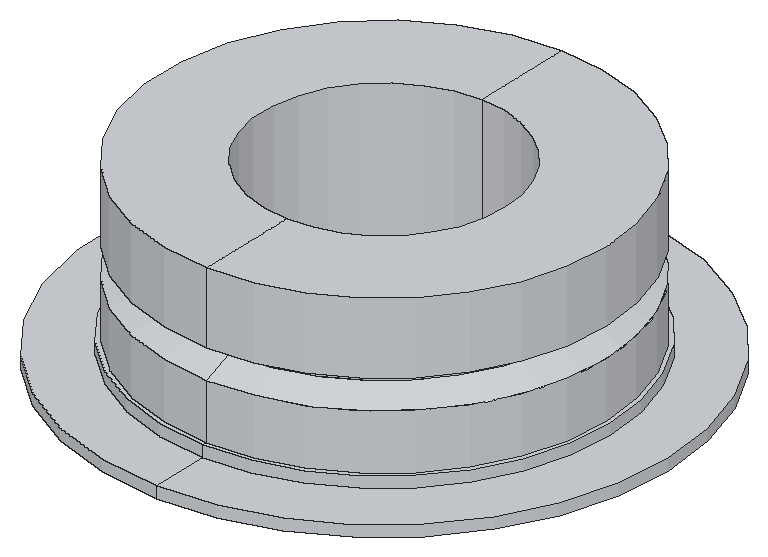
Revit family "JN", category Air Terminals, Revit 2012
Parameters (values of type "JN-160")
  URL = "http://www.innes.com.mx"
  Mínima velocidad de cuello = 0 FPM
  Mínima presión estática = 0.00 in-wg
  Máximo nivel de ruido (NC) = ""
  Máxima velocidad de cuello = 0 FPM
  Máxima presión estática = 0.00 in-wg
  Material = ""
  Manufacturer = "INNES"
  D3 = D / 10.5  # 10.095 mm
  D2 = D / 3.5  # 30.286 mm
  D1 = D / 17  # 6.235 mm
  D = 106 mm
  Cuello = ""
  C2 = C1 + 30 mm  # 132 mm
  C1 = C + 20 mm  # 102 mm
  C = 82 mm
  B = 216 mm
  A1 = A + 5 mm  # 163 mm
  A = 158 mm
Types (5, lengths in mm): name | D3 | D2 | D1 | D | C2 | C1 | C | B | A1 | A
  (no name) | 10.095 | 30.286 | 6.235 | 106 | 132 | 102 | 82 | 216 | 163 | 158
  JN-160 | 10.095 | 30.286 | 6.235 | 106 | 132 | 102 | 82 | 216 | 163 | 158
  JN-200 | 12.095 | 36.286 | 7.471 | 127 | 158 | 128 | 108 | 273 | 203 | 198
  JN-250 | 15.143 | 45.429 | 9.353 | 159 | 186 | 156 | 136 | 318 | 253 | 248
  JN-315 | 18 | 54 | 11.118 | 189 | 224 | 194 | 174 | 400 | 318 | 313
Reference planes
  plane 1 "Center (Front/Back)": y = 0
  plane 2: z = 0
  plane 3 "Center (Left/Right)": x = 0
  plane 4: y = 41
  plane 5: y = -41
  plane 6: y = 51
  plane 7: y = -51
  plane 8: y = 108
  plane 9: y = -108
  plane 10: y = 79
  plane 11: y = -79
  plane 12: y = 81.5
  plane 13: y = -81.5
  plane 14: y = 66
  plane 15: y = -66
  plane 16: z = 10.095
  plane 17: z = 116.095
  plane 18: z = 16.331
  plane 19: z = 22.566
  plane 20: z = 28.801
  plane 21: z = 60
  plane 22: z = 66.235
  plane 23: z = 76.331
Forms (mm)
  Revolve 1, solid
    sketch origin (0, 0, 0) x (0, 1, 0) y (0, 0, 1)
      loop
        line (78, 10.095) -> (126.5, 10.095) -> (159, 16.331) -> (159, 22.566) -> (126.5, 22.566) -> (126.5, 28.801) -> (124, 28.801) -> (124, 60) -> (108, 66.235) -> (108, 76.331) -> (124, 76.331) -> (124, 116.095) -> (68, 116.095) -> (68, 0)
        arc (68, 0) -> (74.531, 3.531) -> (78, 10.095) r 12.793
      axis (0, 116.095) -> (0, 0)
    angle from 0 to 360
Dimensions and locks
  equal spacing: plane 4, plane 1 "Center (Front/Back)", plane 5
  "C": plane 4 to plane 5
  equal spacing: plane 6, plane 1 "Center (Front/Back)", plane 7
  "C1": plane 6 to plane 7
  equal spacing: plane 8, plane 1 "Center (Front/Back)", plane 9
  "B": plane 8 to plane 9
  equal spacing: plane 10, plane 1 "Center (Front/Back)", plane 11
  "A": plane 10 to plane 11
  equal spacing: plane 12, plane 1 "Center (Front/Back)", plane 13
  "A1": plane 12 to plane 13
  equal spacing: plane 14, plane 1 "Center (Front/Back)", plane 15
  "C2": plane 14 to plane 15
  "D3": plane 16 to level
  "D": plane 17 to plane 16
  "D1": plane 18 to plane 16
  "D1": plane 19 to plane 18
  "D1": plane 20 to plane 19
  "D1": plane 22 to plane 21
  "D3": plane 23 to plane 22
  aligned and locked: plane 2 to level
  aligned and locked: plane 1 "Center (Front/Back)" to Revolve 1 sketch curve
  aligned and locked: plane 23 to Revolve 1 sketch curve
Automatic sketch dimensions
  Revolve 1 sketch curve to plane 17 = 0 mm  (x2)
  Revolve 1 sketch curve to level = 0 mm  (x2)
  Revolve 1 sketch curve to plane 16 = 0 mm
  Revolve 1 sketch curve to plane 8 = 0 mm
  Revolve 1 sketch curve to plane 21 = 0 mm
  Revolve 1 sketch curve to plane 20 = 0 mm
  Revolve 1 sketch curve to plane 19 = 0 mm
  Revolve 1 sketch curve to plane 18 = 0 mm
  Revolve 1 sketch curve to plane 22 = 0 mm
  plane 14 to Revolve 1 sketch curve = 0.558 mm
  Revolve 1 sketch curve to plane 14 = 2 mm
  plane 10 to Revolve 1 sketch curve = 1 mm
  Revolve 1 sketch curve to plane 8 = 16 mm
  Revolve 1 sketch curve to Revolve 1 sketch curve = 16 mm
  Revolve 1 sketch curve to Revolve 1 sketch curve = 2.5 mm
  Revolve 1 sketch curve to Revolve 1 sketch curve = 0 mm
  Revolve 1 sketch curve to Revolve 1 sketch curve = 32.5 mm
